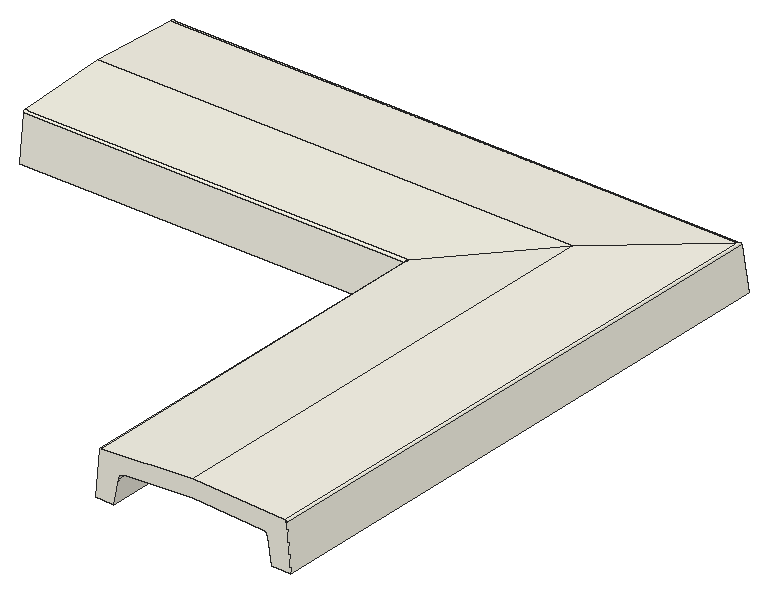
Revit family "Albardilla MA escuadra (12-22).C-1", category Modelos genéricos, Revit 2020
Family settings
  Puede alojar armadura = No
  Cota de conector redondo = Diámetro de uso
  Tipo de pieza = Normal
  Se basa en plano de trabajo = No
  Siempre vertical = No
  Corte con vacíos al cargar = No
  Compartido = No
  Punto de cálculo de habitación = No
Parameters (values of type "MA12E")
  dist = if(Ancho > 340 mm, 55 mm, 15 mm)  # 15 mm
  Descripción = "Pieza de hormigón polímero con anclajes de acero inoxidable"
  Anclajes = (Ancho total / 2)  # 85 mm
  Anclaje dos dist. ext. = (Ancho total / 4)  # 42.5 mm
  Ancho escuadra = 500 mm  # constant formula
  Ancho dos dist. = (Ancho total / 3)  # 56.667 mm
  Ancho dos = Ancho total / 2  # 85 mm
  URL = "https://www.ulmaarchitectural.com/es-es"
  Modelo = "Albardilla MA12 en escuadra"
  Material = Hormigón polímero STONEO. Color C-1
  Fabricante = "ULMA Architectural Solutions"
  Elevación por defecto = 0 mm
  Dist. entre anclajes [instance] = 440 mm  # constant formula
  Dist primer anclaje [instance] = 150 mm  # constant formula
  Código de montaje = "MA12E"
  Ancho total = Ancho + 50 mm  # 170 mm
  Ancho = 120 mm
  Altura inferior = Altura - 15 mm  # 29 mm
  Altura = 44 mm  # constant formula
Types (6, lengths in mm): name | Anclajes | Anclaje dos dist. ext. | Ancho dos dist. | Ancho dos | Modelo | Código de montaje | Ancho total | Ancho
  (no name) | 85 | 42.5 | 56.667 | 85 | "Albardilla MA12 en escuadra" | "MA12E" | 170 | 120
  MA12E | 85 | 42.5 | 56.667 | 85 | "Albardilla MA12 en escuadra" | "MA12E" | 170 | 120
  MA14E | 95 | 47.5 | 63.333 | 95 | "Albardilla MA14 en escuadra" | "MA14E" | 190 | 140
  MA17E | 110 | 55 | 73.333 | 110 | "Albardilla MA17 en escuadra" | "MA17E" | 220 | 170
  MA19E | 120 | 60 | 80 | 120 | "Albardilla MA19 en escuadra" | "MA19E" | 240 | 190
  MA22E | 135 | 67.5 | 90 | 135 | "Albardilla MA22 en escuadra" | "MA22E" | 270 | 220
Reference planes
  plane 1 "Centro (Frontal/Posterior)": y = 0
  plane 2: z = 0
  plane 3 "Centro (Izquierda/Derecha)": x = 0
  plane 4: y = -85
  plane 5: x = -85
  plane 6: y = -42.5
  plane 7: y = -99.167
  plane 8: x = -113.333
  plane 9: x = -56.667
  plane 10: z = 28
Forms (mm)
  Sweep 1, solid, material "Hormigón polímero STONEO. Color C-1" <- "Material"
    path origin (0, 0, 0) x (1, 0, 0) y (0, 1, 0)
      loop
        line (0, -500) -> (0, 0) -> (-500, 0)
    profile origin (0, -250, 0) x (-1, 0, 0) y (0, 0, 1)
      loop
        line (0, 0) -> (16, 0) -> (19.811, 21.615)
        arc (19.811, 21.615) -> (21.419, 24.489) -> (24.466, 25.739) r 5
        line (24.466, 25.739) -> (85, 29) -> (145.534, 25.739)
        arc (145.534, 25.739) -> (148.581, 24.489) -> (150.189, 21.615) r 5
        line (150.189, 21.615) -> (154, 0) -> (170, 0) -> (166.657, 38.21)
        arc (166.657, 38.21) -> (166.03, 39.497) -> (164.704, 40.035) r 2
        line (164.704, 40.035) -> (85, 44) -> (5.296, 40.035)
        arc (5.296, 40.035) -> (3.97, 39.497) -> (3.343, 38.21) r 2
        line (3.343, 38.21) -> (0, 0)
Dimensions and locks
  "Ancho escuadra": Sweep 1 sketch curve to plane 3 "Centro (Izquierda/Derecha)"
  "Ancho escuadra": Sweep 1 sketch curve to plane 1 "Centro (Frontal/Posterior)"
  "Anclajes": plane 1 "Centro (Frontal/Posterior)" to plane 4
  "Anclajes": plane 5 to plane 3 "Centro (Izquierda/Derecha)"
  "Ancho dos dist.": plane 6 to plane 7
  "Ancho dos dist.": plane 8 to plane 9
  "Anclaje dos dist. ext.": plane 1 "Centro (Frontal/Posterior)" to plane 6
  "Ancho dos dist.": plane 9 to plane 3 "Centro (Izquierda/Derecha)"
  "Ancho total": Sweep 1 sketch curve to Sweep 1 sketch curve
  "Altura": Sweep 1 sketch curve to profile plane
  Sweep 1 sketch curve to level = 40.035 mm
  Sweep 1 sketch curve to profile plane = 40.035 mm
  "Altura inferior": Sweep 1 sketch curve to profile plane
  equal spacing: profile plane, Sweep 1 sketch curve, Sweep 1 sketch curve  (x2)
  "Dist primer anclaje": Sweep 1 to nested 1
  "dist": plane 7 to nested 3
  plane 10 to level = 28 mm
  "Dist primer anclaje": nested 2 to Sweep 1
  profile plane to Sweep 1 sketch curve = 16 mm
  Sweep 1 sketch curve to Sweep 1 sketch curve = 16 mm
  radius of Sweep 1 sketch curve = 2 mm  (x2)
  radius of Sweep 1 sketch curve = 5 mm  (x2)
  angle Sweep 1 sketch curve to level = 95.00°
  angle profile plane to Sweep 1 sketch curve = 95.00°
  angle Sweep 1 sketch curve to Sweep 1 sketch curve = 100.00°  (x2)
  aligned and locked: level to plane 2
  aligned and locked: Sweep 1 sketch curve to plane 1 "Centro (Frontal/Posterior)"
  aligned and locked: plane 3 "Centro (Izquierda/Derecha)" to Sweep 1 sketch curve
  aligned and locked: Sweep 1 sketch curve to level
  aligned and locked: plane 10 to nested 2
  aligned and locked: plane 10 to nested 1
  aligned and locked: plane 5 to nested 2
  aligned and locked: plane 5 to nested 3
  aligned and locked: plane 10 to nested 3
  aligned and locked: nested 1 to plane 4
Automatic sketch dimensions
  Sweep 1 sketch curve to level = 0 mm
  Sweep 1 sketch curve to profile plane = 0 mm
  Sweep 1 sketch curve to profile plane = 3.343 mm
  Sweep 1 sketch curve to Sweep 1 sketch curve = 1.953 mm
  Sweep 1 sketch curve to profile plane = 19.811 mm
  Sweep 1 sketch curve to Sweep 1 sketch curve = 4.655 mm
  Sweep 1 sketch curve to Sweep 1 sketch curve = 4.924 mm
  Sweep 1 sketch curve to Sweep 1 sketch curve = 24.735 mm
  Sweep 1 sketch curve to Sweep 1 sketch curve = 0.269 mm
  level to Sweep 1 sketch curve = 21.615 mm
  Sweep 1 sketch curve to Sweep 1 sketch curve = 14.476 mm
  level to Sweep 1 sketch curve = 38.21 mm
Nested families
  nested 1: "Anclaje inoxidable tapas (150x100)" at (-350, -85, 28), type "Anclaje inoxidable tapas (150x100)"
  nested 2: "Anclaje inoxidable tapas (150x100)" at (-85, -350, 28) x (0, 1, 0) z (0, 0, 1), type "Anclaje inoxidable tapas (150x100)"
  nested 3: "Anclaje inoxidable tapas (150x100)" at (-85, -114.167, 28) x (0, 1, 0) z (0, 0, 1), type "Anclaje inoxidable tapas (150x100)"
Definition of nested family "Anclaje inoxidable tapas (150x100)"
  Parameters (values of type "Anclaje inoxidable tapas (150x100)")
    URL = "https://www.ulmaarchitectural.com/es-es"
    Model = "Sujeción anclaje inoxidable tapas (150x100) SPE"
    Material = none
    Manufacturer = "ULMA"
    Default Elevation = 0 mm
    Assembly Code = "901250015"
  Reference planes
    plane 1 "Centro (Frontal/Posterior)": y = 0
    plane 2: z = 0
    plane 3 "Centro (Izquierda/Derecha)": x = 0
  Dimensions and locks
    aligned and locked: level to plane 2
    aligned and locked: level to import instance
